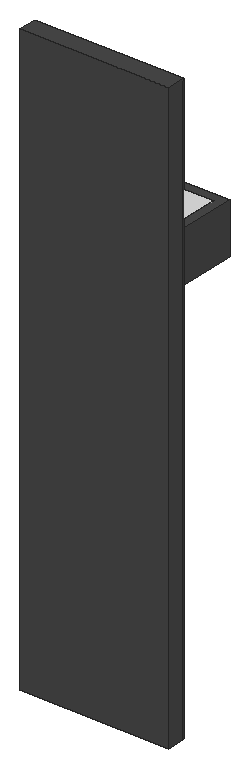
Revit family "3-401-xxx - Guapo Wall Sconce", category Luminarias, Revit 2021
Family settings
  Anfitrión = Muro
  Cota de conector redondo = Diámetro de uso
  Tipo de pieza = Normal
  Número OmniClass = 23.80.70.00
  Título OmniClass = Lighting
  Siempre vertical = Sí
  Corte con vacíos al cargar = No
  Origen de luz = Sí
  Compartido = No
  Punto de cálculo de habitación = No
Parameters (values of type "3-401-1541 / Black - Wood - Matte White Acrylic")
  Elevación por defecto = 0 mm
  Comentarios de vataje = "1 x 6.9 W at 120 V"  # constant formula
  Wattage = 6.91 W
  built-in parameter 1150110 = 1 (stored number, unit not read)
  Voltage Input = "120 V or 277 V - 50/60 Hz"  # constant formula
  Voltage = 120 V
  URL = "www.oxygenlighting.com"
  built-in parameter 1114217 = 1 (stored number, unit not read)
  Tilt Angle = 90.00°
  built-in parameter 1150109 = 1 (stored number, unit not read)
  built-in parameter 1150134 = (empty or 0)
  built-in parameter 1150113 = 1 (stored number, unit not read)
  References = "Ref. 3 = 120 V / Ref. 37 = 277 V"  # constant formula
  Archivo de red fotométrica = "Guapo 3-401-xx.ies"
  Modelo = "3-401-xxxx / Guapo Wall Sconce"  # constant formula
  Metal Finish 2 = 15 - Black
  Metal Finish 1 = Wood
  Fabricante = "Oxygen Lighting and Fans"  # constant formula
  Lumens = 277.091 lm
  built-in parameter 1150115 = 1 (stored number, unit not read)
  built-in parameter 1150105 = 22.05 (stored number, unit not read)
  built-in parameter 1150137 = (empty or 0)
  built-in parameter 1150139 = (empty or 0)
  built-in parameter 1150112 = 1 (stored number, unit not read)
  built-in parameter 1150114 = 1 (stored number, unit not read)
  Lámpara = "LED Array"  # constant formula
  built-in parameter 1150132 = (empty or 0)
  built-in parameter 1150102 = (empty or 0)
  built-in parameter 1150138 = (empty or 0)
  built-in parameter 1150107 = 3000 (stored number, unit not read)
  built-in parameter 1150106 = 0.2205 (stored number, unit not read)
  built-in parameter 1150104 = 3.7254 (stored number, unit not read)
  Dimming Lamp Color Temperature Shift = (empty or 0)
  Diffusers = Matte White Acrylic
  Color Filter = 16777215
  built-in parameter 1114218 = 1 (stored number, unit not read)
  built-in parameter 1150133 = 10 (stored number, unit not read)
Types (4, lengths in mm): name | Metal Finish 2 | Metal Finish 1
  3-401-1541 / Black - Wood - Matte White Acrylic | 15 - Black | Wood
  3-401-24 / Satin Nickel - Matte White Acrylic | 24 - Satin Nickel | 24 - Satin Nickel
  3-401-40 / Aged Brass - Matte White Acrylic | 40 - Aged Brass | 40 - Aged Brass
  3-401-640 / Aged Brass - Whitel - Matte White Acrylic | 40 - Aged Brass | 6 - White
Reference planes
  plane 1: y = 0
  plane 2 "Light Source Axis (L/R)": x = 125
  plane 3 "Light Source Axis (F/R)": y = 110
  plane 4 "Light Source Elevation": z = 1800
  plane 5: y = 75
Text (mm)
  text "Placement side" at (-1787.139, 1116.779, 0), in view "Ref. Level"
  text "Placement side" at (0, 2110.396, 2986.058), in view "Left"
  text "Placement side" at (0, 628.478, 3011.967), in view "Right"
Dimensions and locks
  locked: plane 3 "Light Source Axis (F/R)" to plane 5 at 35
  locked: plane 4 "Light Source Elevation" to nested 1 at 117.555
  aligned and locked: plane 1 to host wall
  aligned and locked: plane 4 "Light Source Elevation" to imposter light
  aligned and locked: plane 5 to host wall
  aligned and locked: nested 1 to plane 5
  aligned and locked: plane 2 "Light Source Axis (L/R)" to nested 1
  aligned and locked: imposter light to plane 3 "Light Source Axis (F/R)"
  aligned and locked: imposter light to plane 2 "Light Source Axis (L/R)"
Nested families
  nested 1: "Family2" at (125, 75, 1716.003), type "Family2"
Connectors
  electrical at (125, 75, 1715.351), driven by "Voltage"
    settings: on nested 1, index 1, voltage 120 V, apparent load 0 VA, apparent load phase1 0 VA, apparent load phase2 0 VA, apparent load phase3 0 VA, power factor 1, load classification "Other", number of poles 1, system type 31, power factor state 1, is connector primary yes, connector utility no, sub classification motor no, connector description ""
Definition of nested family "Family2"
  Parameters
    Metal Finish 2 = none
    Metal Finish 1 = none
    Default Elevation = 0 mm
    Diffuser = none
  Reference planes
    plane 1 "Center (Front/Back)": y = 0
    plane 2: z = 0
    plane 3 "Center (Left/Right)": x = 0
  Forms (mm)
    Extrusion 1, solid, material <- "Metal Finish 2"
      sketch origin (0, 0, 0) x (1, 0, 0) y (0, 1, 0)
        loop
          line (41.337, 12.949) -> (41.337, 63.5) -> (-41.337, 63.5) -> (-41.337, 12.949) -> (41.337, 12.949)
        loop
          line (-35.361, 57.524) -> (-35.361, 19.299) -> (35.361, 19.299) -> (35.361, 57.524) -> (-35.361, 57.524)
      from 66.534 to 101.459
    Extrusion 2, solid, material <- "Metal Finish 2"
      sketch origin (0, 0, 0) x (1, 0, 0) y (0, 1, 0)
        loop
          arc (50.8, 11.953) -> (50.508, 12.657) -> (49.804, 12.949) r 0.996
          line (49.804, 12.949) -> (-49.804, 12.949)
          arc (-49.804, 12.949) -> (-50.508, 12.657) -> (-50.8, 11.953) r 0.996
          line (-50.8, 11.953) -> (-50.8, 0) -> (50.8, 0) -> (50.8, 11.953)
      from -202.855 to 201.552
    Extrusion 3, solid, material <- "Metal Finish 1"
      sketch origin (0, 0, 0) x (0, 1, 0) y (0, 0, 1)
        loop
          line (12.949, 192.102) -> (12.949, 107.436) -> (15.937, 107.436) -> (15.937, 192.102) -> (12.949, 192.102)
        loop
          line (12.949, 60.558) -> (12.949, -193.379) -> (15.937, -193.379) -> (15.937, 60.558) -> (12.949, 60.558)
      from -41.337 to 41.337
    Extrusion 4, solid, material <- "Diffuser"
      sketch origin (0, 0, 0) x (1, 0, 0) y (0, 1, 0)
        loop
          line (-35.361, 57.524) -> (-35.361, 19.299) -> (35.361, 19.299) -> (35.361, 57.524) -> (-35.361, 57.524)
      from 66.534 to 101.459
  Dimensions and locks
    aligned and locked: level to plane 2
